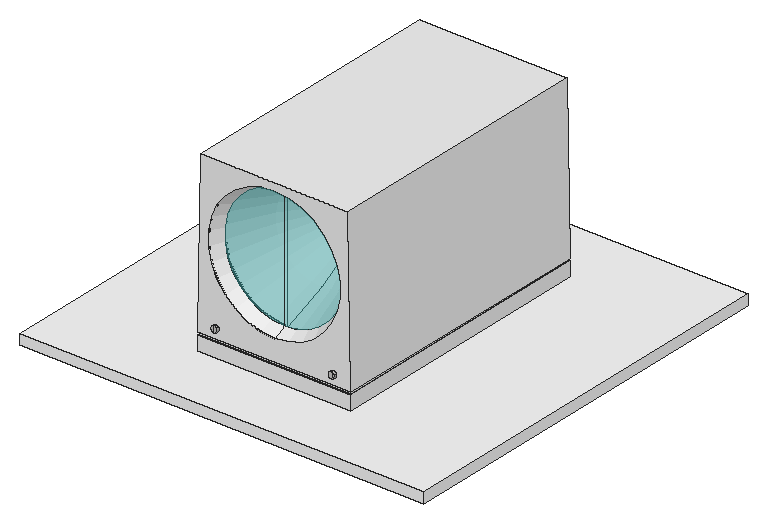
Revit family "BE_24597_de_DE", category Leuchten, Revit 2020
Family settings
  Basisbauteil = Fläche
  Bemaßung runder Anschluss = Durchmesser verwenden
  Teiletyp = Normal
  Beim Laden mit Abzugskörper schneiden = Ja
  Lichtquelle = Ja
  Gemeinsam genutzt = Nein
  Raumberechnungspunkt = Ja
Parameters (values of type "BEGA_24597_Weiß_K4")
  built-in parameter 1150104 = 12.443 (stored number, unit not read)
  Wattage = 33 W
  Default Elevation = 0 mm
  built-in parameter 1150113 = 1 (stored number, unit not read)
  built-in parameter 1114218 = 1 (stored number, unit not read)
  Umgebungstemperatur = "25 °C"
  URL = "https://www.bega.com/de/produkt/24597"
  Typenkommentare = "© 2022 BEGA. Wir behalten uns das Recht vor, technische Änderungen ohne vorherige Ankündigung vorzunehmen."  # constant formula
  Type Image = 24597.png
  built-in parameter 1150134 = 12
  built-in parameter 1150109 = 1 (stored number, unit not read)
  Strom = ""
  built-in parameter 1150110 = 1 (stored number, unit not read)
  Spannung = 239.996 V
  Sonderanfertigung = no
  Seriennummer [instance] = "Hier können Sie die eindeutige Seriennummer für das Facility Management eintragen."
  Schutzklasse = "I"
  Schutzart = "IP 64"
  Scheinlast = 0 VA
  Produktdatenblatt = "https://cdn.bega.com/bega/products/24597AK3/current/documents/data-sheets/de"
  Oberflächentemperatur = ""
  Neigungswinkel = 0.00°
  Modell = "24597WK4"
  Material_17 = BEGA_Reflektor
  Material_15 = BEGA_Leuchtmedium_matt
  Material_11 = BEGA_Glas_opal
  Material_09 = BEGA_Glas_klar
  Material_06 = BEGA_Oberfläche_Edelstahl_gebürstet
  Material_03 = BEGA_Oberfläche_Weiss_matt
  Material_02 = BEGA_Oberfläche_Silber_matt
  Material_01 [instance] = BEGA_Oberfläche_Grafit_matt
  M_W = yes
  M_G = no
  M_A = no
  Logo = 0
  built-in parameter 1114217 = 1 (stored number, unit not read)
  built-in parameter 1150139 = (empty or 0)
  built-in parameter 1150105 = 351.73 (stored number, unit not read)
  built-in parameter 1150114 = 1 (stored number, unit not read)
  Lumens = 4420.02 lm
  built-in parameter 1150115 = 1 (stored number, unit not read)
  Leuchtenlichtstrom = "2202 lm"
  Leuchtenanzahl = ""
  Lebensdauerkriterien = "L70B50 @ 25 °C = 200000 h"
  Lastklassifizierung = Beleuchtung
  built-in parameter 1150112 = 1 (stored number, unit not read)
  Lampenlichtstrom = "4530 lm"
  Lampe = "LED 32.8 W"
  LED_Modulbezeichnung = "LED-1187/840 + LED-1098/840"
  built-in parameter 1150142 = (empty or 0)
  Hersteller = "BEGA"  # constant formula
  Halbstreuwinkel = ""
  Gewicht = "3.35 kg"
  Gebrauchslageneinschränkung [instance] = ""
  Frequenz = "0/50-60 Hz"
  Farbwiedergabeindex = "CRI > 80"
  Farbtemperaturverschiebung bei Dämpfen der Lampe = <Keine Auswahl>
  Farbtemperatur = "4000 K"
  Color Filter = 16777215
  built-in parameter 1150133 = 10 (stored number, unit not read)
  Energieeffizienzklasse = "LED A++ - A"
  built-in parameter 1150137 = (empty or 0)
  built-in parameter 1150132 = (empty or 0)
  ENEC = "ja"
  Dimmbar [instance] = "DALI"
  Datei für fotometrisches Netz = "BE_24597K4.IES"
  CE_Konformität = "ja"
  Bestellnummer = "24597WK4"
  Beschreibung_Sonderanfertigung = "Hier können Sie Informationen zur Sonderanfertigung eintragen."
  Beschreibung = "Wandleuchte"
  built-in parameter 1150106 = 3.5173 (stored number, unit not read)
  Befestigungsbohrung = "Ø 6 mm"
  Befestigungsabstand = "125 mm"
  Ballwurfsicher = ""
  BEGA_Intern_aus = yes
  BEGA_Intern_an = yes
  BEGA_Intern_Konstruktion = yes
  BEGA_Intern = yes
  BEGA_IES = yes
  BEGA_Dummy = no
  Anschlussleitung = ""
  Anschlussleistung [instance] = "35.5 W"
  built-in parameter 1150107 = 4000 (stored number, unit not read)
  built-in parameter 1150102 = (empty or 0)
  built-in parameter 1150138 = (empty or 0)
  Aktualisierung = "2022-05-18T04:00:07"
  Abstand_zur_angestrahlten_Fläche [instance] = ""
  AC/DC = "AC/DC"
Types (6, lengths in mm): name | built-in parameter 1150104 | built-in parameter 1150134 | Modell | M_W | M_G | M_A | built-in parameter 1150105 | Lumens | Leuchtenlichtstrom | Lampenlichtstrom | LED_Modulbezeichnung | Farbtemperatur | Datei für fotometrisches Netz | Bestellnummer | built-in parameter 1150106 | built-in parameter 1150107
  BEGA_24597_Silber_K4 | 12.443 (stored number, unit not read) | (empty or 0) | "24597AK4" | no | no | yes | 351.73 (stored number, unit not read) | 4420.02 lm | "2202 lm" | "4530 lm" | "LED-1187/840 + LED-1098/840" | "4000 K" | "BE_24597K4.IES" | "24597AK4" | 3.5173 (stored number, unit not read) | 3000 (stored number, unit not read)
  BEGA_24597_Grafit_K3 | 11.824 (stored number, unit not read) | (empty or 0) | "24597K3" | no | yes | no | 334.22 (stored number, unit not read) | 4199.91 lm | "2090 lm" | "4300 lm" | "LED-1187/830 + LED-1098/830" | "3000 K" | "BE_24597K3.IES" | "24597K3" | 3.3422 (stored number, unit not read) | 3000 (stored number, unit not read)
  BEGA_24597_Silber_K3 | 11.824 (stored number, unit not read) | (empty or 0) | "24597AK3" | no | no | yes | 334.22 (stored number, unit not read) | 4199.91 lm | "2090 lm" | "4300 lm" | "LED-1187/830 + LED-1098/830" | "3000 K" | "BE_24597K3.IES" | "24597AK3" | 3.3422 (stored number, unit not read) | 3000 (stored number, unit not read)
  BEGA_24597_Grafit_K4 | 12.443 (stored number, unit not read) | 12 | "24597K4" | no | yes | no | 351.73 (stored number, unit not read) | 4420.02 lm | "2202 lm" | "4530 lm" | "LED-1187/840 + LED-1098/840" | "4000 K" | "BE_24597K4.IES" | "24597K4" | 3.5173 (stored number, unit not read) | 4000 (stored number, unit not read)
  BEGA_24597_Weiß_K3 | 11.824 (stored number, unit not read) | (empty or 0) | "24597WK3" | yes | no | no | 334.22 (stored number, unit not read) | 4199.91 lm | "2090 lm" | "4300 lm" | "LED-1187/830 + LED-1098/830" | "3000 K" | "BE_24597K3.IES" | "24597WK3" | 3.3422 (stored number, unit not read) | 3000 (stored number, unit not read)
  BEGA_24597_Weiß_K4 | 12.443 (stored number, unit not read) | 12 | "24597WK4" | yes | no | no | 351.73 (stored number, unit not read) | 4420.02 lm | "2202 lm" | "4530 lm" | "LED-1187/840 + LED-1098/840" | "4000 K" | "BE_24597K4.IES" | "24597WK4" | 3.5173 (stored number, unit not read) | 4000 (stored number, unit not read)
Reference planes
  plane 1 "Mitte (Vorne/Hinten)": y = 0
  plane 2: z = 0
  plane 3 "Mitte (Links/Rechts)": x = 0
  plane 4 "Links": x = -75.806
  plane 5 "Rechts": x = 75.806
  plane 6 "Unten": y = -135.253
  plane 7 "Oben": y = 135.253
  plane 8 "Vorne": z = 175.5
  plane 9 "Hinten": z = 0
Forms (mm)
  Extrusion 1, solid, material "BEGA_Platte_Weiss"
    sketch origin (0, -1119.2, 0) x (1, 0, 0) y (0, 1, 0)
      loop
        line (-200, 1319.2) -> (-200, 919.2) -> (200, 919.2) -> (200, 1319.2) -> (-200, 1319.2)
    from 0 to -10
  Extrusion 2, solid, material "BEGA_Dummy_matt", visible <- "BEGA_Dummy"
    sketch origin (80.095, -76.023, 0) x (1, 0, 0) y (0, 1, 0)
      loop
        line (-155.902, 211.276) -> (-155.902, -59.23) -> (-4.289, -59.23) -> (-4.289, 211.276) -> (-155.902, 211.276)
    from 0 to 175.5
Dimensions and locks
  plane 1 "Mitte (Vorne/Hinten)" to Extrusion 1 = 200 mm
  aligned and locked: plane 2 to Extrusion 1
  aligned and locked: level to Extrusion 1
Nested families
  nested 1: "BE_24597" at (0, 0, 0) x (0, -1, 0) z (0, 0, 1), type "BE_24597"
Connectors
  electrical at (0, 0, 0), driven by "Lastklassifizierung", driven by "Spannung", driven by "Scheinlast"
    settings: index 1, voltage 239.996 V, apparent load 0 VA, apparent load phase1 0 VA, apparent load phase2 0 VA, apparent load phase3 0 VA, power factor 1, load classification "Beleuchtung", number of poles 1, system type 31, power factor state 1, is connector primary yes, connector utility no, sub classification motor no, connector description ""
Definition of nested family "BE_24597"
  Parameters (values of type "BE_24597")
    Default Elevation = 1 mm
    URL = "http://www.bega.de/de/produkt"
    Type Comments = "© 2015 BEGA. Wir behalten uns das Recht vor, technische Änderungen ohne vorherige Ankündigung vorzunehmen. "  # constant formula
    Type Image = (empty or 0)
    Material_17 = none
    Material_15 = none
    Material_11 = none
    Material_09 = none
    Material_06 = none
    Material_03 = none
    Material_02 = none
    Material_01 = none
    M_W = yes
    M_G = yes
    M_A = yes
    Länge_Platte = 300 mm  # constant formula
    Höhe_Platte = -10 mm  # constant formula
    Manufacturer = "BEGA"  # constant formula
    Breite_Platte = 200 mm  # constant formula
  Reference planes
    plane 1 "Mitte (Oben/Unten)": y = 0
    plane 2: z = 0
    plane 3 "Mitte (Links/Rechts)": x = 0
    plane 4 "Unten": y = -75.806
    plane 5: x = -135.253
    plane 6: x = 135.253
    plane 7: z = 175.5
    plane 8: y = 75.806
  Forms (mm)
    Extrusion 1, solid, detail levels medium
      sketch origin (0, 0, 0) x (1, 0, 0) y (0, 1, 0)
        loop
          line (-150, 100) -> (-150, -100) -> (150, -100) -> (150, 100) -> (-150, 100)
      from 0 to -10 <- "Höhe_Platte"
    Extrusion 2, solid, material <- "Material_01", visible <- "M_G", detail levels medium+fine
      sketch origin (0, 0, 0) x (1, 0, 0) y (0, 0, 1)
        loop
          line (135, 175.5) -> (-135, 175.5) -> (-135, 16.471) -> (-124.509, 16.471) -> (-124.509, 172.5) -> (122.759, 172.5) -> (122.759, 16.471) -> (135, 16.471) -> (135, 175.5)
      from -75.553 to 75.553
    Extrusion 3, solid, material <- "Material_01", visible <- "M_G", detail levels medium+fine
      sketch origin (0, 0, 0) x (0, 1, 0) y (0, 0, 1)
        loop
          line (-75.553, 175.5) -> (-75.553, 16.471) -> (-70.41, 16.471) -> (-70.41, 175.5) -> (-75.553, 175.5)
        loop
          line (75.553, 175.5) -> (70.41, 175.5) -> (70.41, 16.471) -> (75.553, 16.471) -> (75.553, 175.5)
      from -135 to 133
    Sweep 4, solid, material <- "Material_01", visible <- "M_G", detail levels medium+fine
      path in 3D
        loop
          line (135, 75.553, 175.5) -> (-135, 75.553, 175.5) -> (-135, -75.553, 175.5) -> (135, -75.553, 175.5) -> (135, 75.553, 175.5)
      profile origin (135, 0, 175.5) x (-1, 0, 0) y (0, 0, 1)
        loop
          line (0, -161) -> (-0.253, -175.5) -> (3.5, -175.5) -> (4.029, -160.346) -> (69.21, -160.346) -> (69.21, -156) -> (3.859, -156) -> (0.83, -159.029) -> (0.83, -161) -> (0, -161)
    Extrusion 5, solid, material <- "Material_01", visible <- "M_G", detail levels medium+fine
      sketch origin (0, 0, 0) x (1, 0, 0) y (0, 1, 0)
        loop
          line (65.79, 6.343) -> (-65.79, 6.343) -> (-65.79, -6.343) -> (65.79, -6.343) -> (65.79, 6.343)
      from 15.154 to 19.5
    Revolve 6, void
      sketch origin (0, 0, 0) x (1, 0, 0) y (0, 0, 1)
        loop
          line (-135, 169.882) -> (-135, 103) -> (-124.44, 103) -> (-124.44, 165.581) -> (-130.8, 165.581) -> (-130.8, 168.26) -> (-135, 169.882)
        axis (-135, 103) -> (-124.44, 103)
      angle from 0 to 360
    Revolve 7, void
      sketch origin (0, 0, 0) x (1, 0, 0) y (0, 0, 1)
        loop
          line (122.074, 162.473) -> (122.074, 103) -> (135.914, 103) -> (135.914, 168.926) -> (122.074, 162.473)
        axis (122.074, 103) -> (135.914, 103)
      angle from 0 to 360
    Revolve 8, solid, material <- "Material_09", detail levels medium+fine
      sketch origin (0, 0, 0) x (1, 0, 0) y (0, 0, 1)
        loop
          line (-130.8, 168) -> (-134.8, 168) -> (-134.8, 102.998) -> (-130.8, 102.998) -> (-130.8, 168)
        axis (-134.8, 102.998) -> (-130.8, 102.998)
      angle from 0 to 360
    Revolve 9, solid, material <- "Material_09", detail levels medium+fine
      sketch origin (253.559, 0, 0) x (1, 0, 0) y (0, 0, 1)
        loop
          line (-130.8, 168) -> (-134.8, 168) -> (-134.8, 102.998) -> (-130.8, 102.998) -> (-130.8, 168)
        axis (-134.8, 102.998) -> (-130.8, 102.998)
      angle from 0 to 360
    Revolve 10, solid, material <- "Material_17", detail levels medium+fine
      sketch origin (-5.687, 0, 0) x (-1, 0, 0) y (0, 0, 1)
        loop
          line (-43.461, 108.7) -> (-42.457, 108.674) -> (-43.5, 125.721)
          arc (-43.5, 125.721) -> (-81.904, 148.683) -> (-123.399, 165.425) r 288.248
          line (-123.399, 165.425) -> (-123.399, 170.811) -> (-124.446, 170.811) -> (-124.446, 164.823)
          arc (-124.446, 164.823) -> (-82.915, 148.125) -> (-44.47, 125.198) r 288.248
          line (-44.47, 125.198) -> (-43.461, 108.7)
        axis (-42.457, 102.974) -> (-124.446, 102.974)
      angle from 0 to 360
    Revolve 11, solid, material <- "Material_15", detail levels medium+fine
      sketch origin (74.883, 0, 0) x (1, 0, 0) y (0, 0, 1)
        loop
          line (-40.827, 97.976) -> (-39.967, 97.976) -> (-39.967, 102.976) -> (-40.827, 102.976) -> (-40.827, 97.976)
        axis (-40.827, 102.976) -> (-39.827, 102.976)
      angle from 0 to 360
    Revolve 12, solid, material <- "Material_06", detail levels fine
      sketch origin (0, -58, 0) x (1, 0, 0) y (0, 0, 1)
        loop
          line (137.141, 29.3) -> (135, 29.3) -> (135, 26.3) -> (137.141, 26.3) -> (137.141, 29.3)
        axis (135, 26.3) -> (137.141, 26.3)
      angle from 0 to 360
    Revolve 13, solid, material <- "Material_06", detail levels fine
      sketch origin (0, 58, 0) x (1, 0, 0) y (0, 0, -1)
        loop
          line (137.141, -29.3) -> (137.141, -26.3) -> (135, -26.3) -> (135, -29.3) -> (137.141, -29.3)
        axis (135, -26.3) -> (137.141, -26.3)
      angle from 0 to 360
    Sweep 14, solid, material <- "Material_02", visible <- "M_A", detail levels medium+fine
      path in 3D
        loop
          line (135, 75.553, 175.5) -> (-135, 75.553, 175.5) -> (-135, -75.553, 175.5) -> (135, -75.553, 175.5) -> (135, 75.553, 175.5)
      profile origin (135, 0, 175.5) x (-1, 0, 0) y (0, 0, 1)
        loop
          line (0, -161) -> (-0.253, -175.5) -> (3.5, -175.5) -> (4.029, -160.346) -> (69.21, -160.346) -> (69.21, -156) -> (3.859, -156) -> (0.83, -159.029) -> (0.83, -161) -> (0, -161)
    Extrusion 15, solid, material <- "Material_02", visible <- "M_A", detail levels medium+fine
      sketch origin (0, 0, 0) x (1, 0, 0) y (0, 1, 0)
        loop
          line (65.79, 6.343) -> (-65.79, 6.343) -> (-65.79, -6.343) -> (65.79, -6.343) -> (65.79, 6.343)
      from 15.154 to 19.5
    Sweep 16, solid, material <- "Material_03", visible <- "M_W", detail levels medium+fine
      path in 3D
        loop
          line (135, 75.553, 175.5) -> (-135, 75.553, 175.5) -> (-135, -75.553, 175.5) -> (135, -75.553, 175.5) -> (135, 75.553, 175.5)
      profile origin (135, 0, 175.5) x (-1, 0, 0) y (0, 0, 1)
        loop
          line (0, -161) -> (-0.253, -175.5) -> (3.5, -175.5) -> (4.029, -160.346) -> (69.21, -160.346) -> (69.21, -156) -> (3.859, -156) -> (0.83, -159.029) -> (0.83, -161) -> (0, -161)
    Extrusion 17, solid, material <- "Material_03", visible <- "M_W", detail levels medium+fine
      sketch origin (0, 0, 0) x (1, 0, 0) y (0, 1, 0)
        loop
          line (65.79, 6.343) -> (-65.79, 6.343) -> (-65.79, -6.343) -> (65.79, -6.343) -> (65.79, 6.343)
      from 15.154 to 19.5
    Extrusion 18, solid, material <- "Material_02", visible <- "M_A", detail levels medium+fine
      sketch origin (0, 0, 0) x (1, 0, 0) y (0, 0, 1)
        loop
          line (135, 175.5) -> (-135, 175.5) -> (-135, 16.471) -> (-124.509, 16.471) -> (-124.509, 172.5) -> (122.759, 172.5) -> (122.759, 16.471) -> (135, 16.471) -> (135, 175.5)
      from -75.553 to 75.553
    Extrusion 19, solid, material <- "Material_02", visible <- "M_A", detail levels medium+fine
      sketch origin (0, 0, 0) x (0, 1, 0) y (0, 0, 1)
        loop
          line (-75.553, 175.5) -> (-75.553, 16.471) -> (-70.41, 16.471) -> (-70.41, 175.5) -> (-75.553, 175.5)
        loop
          line (75.553, 175.5) -> (70.41, 175.5) -> (70.41, 16.471) -> (75.553, 16.471) -> (75.553, 175.5)
      from -135 to 133
    Extrusion 20, solid, material <- "Material_03", visible <- "M_W", detail levels medium+fine
      sketch origin (0, 0, 0) x (1, 0, 0) y (0, 0, 1)
        loop
          line (135, 175.5) -> (-135, 175.5) -> (-135, 16.471) -> (-124.509, 16.471) -> (-124.509, 172.5) -> (122.759, 172.5) -> (122.759, 16.471) -> (135, 16.471) -> (135, 175.5)
      from -75.553 to 75.553
    Extrusion 21, solid, material <- "Material_03", visible <- "M_W", detail levels medium+fine
      sketch origin (0, 0, 0) x (0, 1, 0) y (0, 0, 1)
        loop
          line (-75.553, 175.5) -> (-75.553, 16.471) -> (-70.41, 16.471) -> (-70.41, 175.5) -> (-75.553, 175.5)
        loop
          line (75.553, 175.5) -> (70.41, 175.5) -> (70.41, 16.471) -> (75.553, 16.471) -> (75.553, 175.5)
      from -135 to 133
    Extrusion 22, void
      sketch origin (0, 0, 0) x (1, 0, 0) y (0, 1, 0)
        loop
          circle (0, 62.5) r 2.895
        loop
          circle (0, -62.5) r 2.895
        loop
          circle (13, 42) r 8.5
        loop
          circle (-13, 42) r 8.5
      from 0 to 29
    Extrusion 23, void
      sketch origin (0, 0, 0) x (0, 1, 0) y (0, 0, 1)
        loop
          line (-75.553, 16.471) -> (-72.673, 181.446) -> (-75.553, 181.446) -> (-75.553, 16.471)
        loop
          line (75.553, 16.471) -> (75.553, 181.446) -> (72.673, 181.446) -> (75.553, 16.471)
      from -137 to 137.141
    Extrusion 24, solid, material <- "Material_15", detail levels medium+fine
      sketch origin (0, 0, 0) x (1, 0, 0) y (0, 1, 0)
        loop
          line (-71.573, 1.017) -> (-72.369, 1.017) -> (-72.369, -1.017) -> (-71.573, -1.017) -> (-71.573, 1.017)
      from 74.783 to 130.602
  Cuts and joins
    Revolve 6, Revolve 7, Extrusion 22, Extrusion 23 cuts Extrusion 2
    Revolve 6, Revolve 7, Extrusion 22, Extrusion 23 cuts Extrusion 3
    joined: Extrusion 2, Extrusion 3
    Extrusion 22 cuts Sweep 4
    Extrusion 22 cuts Extrusion 5
    joined: Sweep 4, Extrusion 5
    Extrusion 22 cuts Sweep 14
    Extrusion 22 cuts Extrusion 15
    joined: Sweep 14, Extrusion 15
    Extrusion 22 cuts Sweep 16
    Extrusion 22 cuts Extrusion 17
    joined: Sweep 16, Extrusion 17
    Revolve 6, Revolve 7, Extrusion 22, Extrusion 23 cuts Extrusion 18
    Extrusion 22, Extrusion 23 cuts Extrusion 19
    joined: Extrusion 18, Extrusion 19
    Revolve 6, Revolve 7, Extrusion 22, Extrusion 23 cuts Extrusion 20
    Extrusion 22, Extrusion 23 cuts Extrusion 21
    joined: Extrusion 20, Extrusion 21
  Lines and regions (mm)
    sketch lines
      curve 1: line (135, -75.553, 175.5) -> (135, 75.553, 175.5)
      curve 2: line (-135, 75.553, 175.5) -> (135, 75.553, 175.5)
      curve 3: line (-135, -75.553, 175.5) -> (-135, 75.553, 175.5)
      curve 4: line (135, -75.553, 175.5) -> (-135, -75.553, 175.5)
      curve 5: line (135, -75.553, 175.5) -> (135, 75.553, 175.5)
      curve 6: line (-135, 75.553, 175.5) -> (135, 75.553, 175.5)
      curve 7: line (-135, -75.553, 175.5) -> (-135, 75.553, 175.5)
      curve 8: line (135, -75.553, 175.5) -> (-135, -75.553, 175.5)
      curve 9: line (135, -75.553, 175.5) -> (135, 75.553, 175.5)
      curve 10: line (-135, 75.553, 175.5) -> (135, 75.553, 175.5)
      curve 11: line (-135, -75.553, 175.5) -> (-135, 75.553, 175.5)
      curve 12: line (135, -75.553, 175.5) -> (-135, -75.553, 175.5)
  Dimensions and locks
    equal spacing: Extrusion 1 sketch curve, plane 3 "Mitte (Links/Rechts)", Extrusion 1 sketch curve
    equal spacing: Extrusion 1 sketch curve, plane 1 "Mitte (Oben/Unten)", Extrusion 1 sketch curve
    "Länge_Platte": Extrusion 1 sketch curve to Extrusion 1 sketch curve
    "Breite_Platte": Extrusion 1 sketch curve to Extrusion 1 sketch curve
    aligned and locked: Extrusion 1 to plane 2
    aligned and locked: level to Extrusion 1
  Automatic sketch dimensions
    level to Extrusion 3 sketch curve = 16.471 mm  (x2)
    plane 1 "Mitte (Oben/Unten)" to Extrusion 3 sketch curve = 75.553 mm
    Extrusion 3 sketch curve to Extrusion 3 sketch curve = 5.144 mm  (x2)
    Extrusion 3 sketch curve to plane 1 "Mitte (Oben/Unten)" = 70.41 mm
    Sweep 4 sketch curve to profile plane = 0 mm
    profile plane to Sweep 4 sketch curve = 0.253 mm
    Sweep 4 sketch curve to profile plane = 0.83 mm
    Sweep 4 sketch curve to profile plane = 3.5 mm
    Sweep 4 sketch curve to profile plane = 3.859 mm
    Sweep 4 sketch curve to Sweep 4 sketch curve = 3.199 mm
    Sweep 4 sketch curve to Sweep 4 sketch curve = 65.181 mm
    Sweep 4 sketch curve to profile plane = 175.5 mm
    Sweep 4 sketch curve to Sweep 4 sketch curve = 14.5 mm
    Sweep 4 sketch curve to Sweep 4 sketch curve = 15.154 mm
    Sweep 4 sketch curve to Sweep 4 sketch curve = 1.971 mm
    Sweep 4 sketch curve to Sweep 4 sketch curve = 3.029 mm
    plane 1 "Mitte (Oben/Unten)" to Extrusion 5 sketch curve = 6.343 mm
    Extrusion 5 sketch curve to plane 3 "Mitte (Links/Rechts)" = 65.79 mm
    plane 3 "Mitte (Links/Rechts)" to Extrusion 5 sketch curve = 65.79 mm
    Extrusion 5 sketch curve to plane 1 "Mitte (Oben/Unten)" = 6.343 mm
    Revolve 6 sketch curve to Revolve 6 sketch curve = 4.2 mm
    Revolve 6 sketch curve to Revolve 6 sketch curve = 10.56 mm
    Revolve 6 sketch curve to Revolve 6 sketch curve = 2.679 mm
    Revolve 6 sketch curve to Revolve 6 sketch curve = 62.581 mm
    Revolve 6 sketch curve to Revolve 6 sketch curve = 0 mm  (x3)
    Revolve 7 sketch curve to Revolve 7 sketch curve = 13.839 mm
    Revolve 7 sketch curve to Revolve 7 sketch curve = 59.473 mm
    Revolve 7 sketch curve to Revolve 7 sketch curve = 6.453 mm
    Revolve 7 sketch curve to Revolve 7 sketch curve = 0 mm  (x3)
    Revolve 8 sketch curve to Revolve 8 sketch curve = 4 mm
    Revolve 8 sketch curve to Revolve 8 sketch curve = 0 mm  (x3)
    Revolve 9 sketch curve to Revolve 9 sketch curve = 4 mm
    Revolve 9 sketch curve to Revolve 9 sketch curve = 0 mm  (x3)
    Revolve 10 sketch curve to Revolve 10 sketch curve = 0.708 mm
    Revolve 10 sketch curve to Revolve 10 sketch curve = 1.047 mm
    Revolve 10 sketch curve to plane 3 "Mitte (Links/Rechts)" = 38.782 mm
    Revolve 10 sketch curve to Revolve 10 sketch curve = 0.97 mm
    Revolve 10 sketch curve to Revolve 10 sketch curve = 1.009 mm
    Revolve 10 sketch curve to Revolve 10 sketch curve = 1.003 mm
    Revolve 10 sketch curve to Revolve 10 sketch curve = 5.387 mm
    Revolve 10 sketch curve to Revolve 10 sketch curve = 0.601 mm
    Revolve 10 sketch curve to Revolve 10 sketch curve = 39.704 mm
    Revolve 10 sketch curve to Revolve 10 sketch curve = 0.523 mm
    Revolve 10 sketch curve to Revolve 10 sketch curve = 16.498 mm
    Revolve 10 sketch curve to Revolve 10 sketch curve = 0.026 mm
    Revolve 10 sketch curve to Revolve 10 sketch curve = 5.775 mm
    Revolve 10 sketch curve to Revolve 10 sketch curve = 10.293 mm
    Revolve 10 sketch curve to Revolve 10 sketch curve = 5.726 mm
    plane 3 "Mitte (Links/Rechts)" to Revolve 11 sketch curve = 34.056 mm
    Revolve 11 sketch curve to Revolve 11 sketch curve = 0.86 mm
    level to Revolve 11 sketch curve = 97.976 mm
    Revolve 11 sketch curve to Revolve 11 sketch curve = 5 mm
    Revolve 11 sketch curve to Revolve 11 sketch curve = 0 mm  (x3)
    level to Revolve 12 sketch curve = 26.3 mm
    Revolve 12 sketch curve to Revolve 12 sketch curve = 2.141 mm
    Revolve 12 sketch curve to Revolve 12 sketch curve = 3 mm
    Revolve 12 sketch curve to Revolve 12 sketch curve = 0 mm  (x3)
    level to Revolve 13 sketch curve = 26.3 mm
    Revolve 13 sketch curve to Revolve 13 sketch curve = 2.141 mm
    Revolve 13 sketch curve to Revolve 13 sketch curve = 3 mm
    Revolve 13 sketch curve to Revolve 13 sketch curve = 0 mm  (x3)
    Extrusion 2 sketch curve to Extrusion 2 sketch curve = 10.491 mm
    Extrusion 2 sketch curve to Extrusion 2 sketch curve = 12.241 mm
    level to Extrusion 2 sketch curve = 16.471 mm  (x2)
    Sweep 14 sketch curve to profile plane = 0 mm
    profile plane to Sweep 14 sketch curve = 0.253 mm
    Sweep 14 sketch curve to profile plane = 0.83 mm
    Sweep 14 sketch curve to profile plane = 3.5 mm
    Sweep 14 sketch curve to profile plane = 3.859 mm
    Sweep 14 sketch curve to Sweep 14 sketch curve = 3.199 mm
    Sweep 14 sketch curve to Sweep 14 sketch curve = 65.181 mm
    Sweep 14 sketch curve to profile plane = 175.5 mm
    Sweep 14 sketch curve to Sweep 14 sketch curve = 14.5 mm
    Sweep 14 sketch curve to Sweep 14 sketch curve = 15.154 mm
    Sweep 14 sketch curve to Sweep 14 sketch curve = 1.971 mm
    Sweep 14 sketch curve to Sweep 14 sketch curve = 3.029 mm
    plane 1 "Mitte (Oben/Unten)" to Extrusion 15 sketch curve = 6.343 mm
    Extrusion 15 sketch curve to plane 3 "Mitte (Links/Rechts)" = 65.79 mm
    plane 3 "Mitte (Links/Rechts)" to Extrusion 15 sketch curve = 65.79 mm
    Extrusion 15 sketch curve to plane 1 "Mitte (Oben/Unten)" = 6.343 mm
    Sweep 16 sketch curve to profile plane = 0 mm
    profile plane to Sweep 16 sketch curve = 0.253 mm
    Sweep 16 sketch curve to profile plane = 0.83 mm
    Sweep 16 sketch curve to profile plane = 3.5 mm
    Sweep 16 sketch curve to profile plane = 3.859 mm
    Sweep 16 sketch curve to Sweep 16 sketch curve = 3.199 mm
    Sweep 16 sketch curve to Sweep 16 sketch curve = 65.181 mm
    Sweep 16 sketch curve to profile plane = 175.5 mm
    Sweep 16 sketch curve to Sweep 16 sketch curve = 14.5 mm
    Sweep 16 sketch curve to Sweep 16 sketch curve = 15.154 mm
    Sweep 16 sketch curve to Sweep 16 sketch curve = 1.971 mm
    Sweep 16 sketch curve to Sweep 16 sketch curve = 3.029 mm
    plane 1 "Mitte (Oben/Unten)" to Extrusion 17 sketch curve = 6.343 mm
    Extrusion 17 sketch curve to plane 3 "Mitte (Links/Rechts)" = 65.79 mm
    plane 3 "Mitte (Links/Rechts)" to Extrusion 17 sketch curve = 65.79 mm
    Extrusion 17 sketch curve to plane 1 "Mitte (Oben/Unten)" = 6.343 mm
    Extrusion 18 sketch curve to Extrusion 18 sketch curve = 10.491 mm
    Extrusion 18 sketch curve to Extrusion 18 sketch curve = 12.241 mm
    level to Extrusion 18 sketch curve = 16.471 mm  (x2)
    level to Extrusion 19 sketch curve = 16.471 mm  (x2)
    plane 1 "Mitte (Oben/Unten)" to Extrusion 19 sketch curve = 75.553 mm
    Extrusion 19 sketch curve to Extrusion 19 sketch curve = 5.144 mm  (x2)
    Extrusion 19 sketch curve to plane 1 "Mitte (Oben/Unten)" = 70.41 mm
    Extrusion 20 sketch curve to Extrusion 20 sketch curve = 10.491 mm
    Extrusion 20 sketch curve to Extrusion 20 sketch curve = 12.241 mm
    level to Extrusion 20 sketch curve = 16.471 mm  (x2)
    level to Extrusion 21 sketch curve = 16.471 mm  (x2)
    plane 1 "Mitte (Oben/Unten)" to Extrusion 21 sketch curve = 75.553 mm
    Extrusion 21 sketch curve to Extrusion 21 sketch curve = 5.144 mm  (x2)
    Extrusion 21 sketch curve to plane 1 "Mitte (Oben/Unten)" = 70.41 mm
    Extrusion 22 sketch curve to plane 3 "Mitte (Links/Rechts)" = 0 mm  (x2)
    Extrusion 22 sketch curve to plane 3 "Mitte (Links/Rechts)" = 13 mm
    plane 3 "Mitte (Links/Rechts)" to Extrusion 22 sketch curve = 13 mm
    plane 1 "Mitte (Oben/Unten)" to Extrusion 22 sketch curve = 62.5 mm
    Extrusion 22 sketch curve to plane 1 "Mitte (Oben/Unten)" = 42 mm
    Extrusion 22 sketch curve to Extrusion 22 sketch curve = 0 mm
    Extrusion 22 sketch curve to Extrusion 22 sketch curve = 20.5 mm
    level to Extrusion 23 sketch curve = 16.471 mm  (x2)
    plane 1 "Mitte (Oben/Unten)" to Extrusion 23 sketch curve = 75.553 mm
    Extrusion 23 sketch curve to Extrusion 23 sketch curve = 2.88 mm
    Extrusion 23 sketch curve to plane 1 "Mitte (Oben/Unten)" = 72.673 mm
    Extrusion 23 sketch curve to plane 1 "Mitte (Oben/Unten)" = 75.553 mm
    Extrusion 2 sketch curve to plane 3 "Mitte (Links/Rechts)" = 124.509 mm
    Revolve 6 sketch curve to plane 3 "Mitte (Links/Rechts)" = 135 mm
    Revolve 8 sketch curve to plane 3 "Mitte (Links/Rechts)" = 134.8 mm
    Extrusion 18 sketch curve to plane 3 "Mitte (Links/Rechts)" = 124.509 mm
    Extrusion 20 sketch curve to plane 3 "Mitte (Links/Rechts)" = 124.509 mm
    plane 3 "Mitte (Links/Rechts)" to Extrusion 2 sketch curve = 122.759 mm
    plane 3 "Mitte (Links/Rechts)" to Revolve 7 sketch curve = 122.074 mm
    plane 3 "Mitte (Links/Rechts)" to Revolve 9 sketch curve = 118.759 mm
    Revolve 10 sketch curve to Revolve 10 sketch curve = 78.929 mm
    plane 3 "Mitte (Links/Rechts)" to Revolve 12 sketch curve = 135 mm
    plane 3 "Mitte (Links/Rechts)" to Revolve 13 sketch curve = 135 mm
    plane 3 "Mitte (Links/Rechts)" to Extrusion 18 sketch curve = 122.759 mm
    plane 3 "Mitte (Links/Rechts)" to Extrusion 20 sketch curve = 122.759 mm
    Revolve 6 sketch curve to Revolve 6 sketch curve = 1.622 mm
    Revolve 10 sketch curve to plane 3 "Mitte (Links/Rechts)" = 204.49 mm
    level to Revolve 10 sketch curve = 110.159 mm
    Extrusion 2 sketch curve to plane 7 = 0 mm
    plane 7 to Extrusion 2 sketch curve = 3 mm
    plane 7 to Extrusion 3 sketch curve = 0 mm  (x2)
    plane 7 to Revolve 6 sketch curve = 72.5 mm
    plane 7 to Revolve 7 sketch curve = 72.5 mm
    plane 7 to Revolve 8 sketch curve = 72.502 mm
    plane 7 to Revolve 8 sketch curve = 7.5 mm
    plane 7 to Revolve 9 sketch curve = 72.502 mm
    plane 7 to Revolve 9 sketch curve = 7.5 mm
    Extrusion 18 sketch curve to plane 7 = 0 mm
    plane 7 to Extrusion 18 sketch curve = 3 mm
    plane 7 to Extrusion 19 sketch curve = 0 mm  (x2)
    Extrusion 20 sketch curve to plane 7 = 0 mm
    plane 7 to Extrusion 20 sketch curve = 3 mm
    plane 7 to Extrusion 21 sketch curve = 0 mm  (x2)
    Extrusion 23 sketch curve to plane 7 = 5.946 mm  (x2)
    Extrusion 24 sketch curve to plane 1 "Mitte (Oben/Unten)" = 1.017 mm
    Extrusion 24 sketch curve to plane 5 = 62.884 mm
    Extrusion 24 sketch curve to Extrusion 24 sketch curve = 0.796 mm
    plane 1 "Mitte (Oben/Unten)" to Extrusion 24 sketch curve = 1.017 mm
    radius of Extrusion 22 sketch curve = 2.895 mm  (x2)
    radius of Extrusion 22 sketch curve = 8.5 mm  (x2)
